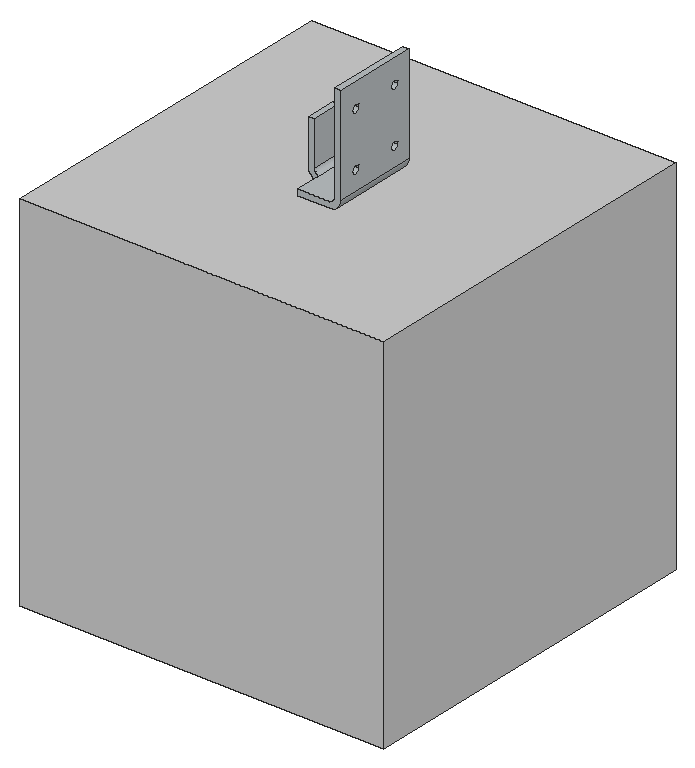
Revit family "REC-EACCI45X3", category Structural Connections, host Face, Revit 2024
Family settings
  Host = Face
  Material for Model Behavior = Steel
  Enable Cutting in Views = Yes
  Cut with Voids When Loaded = Yes
  Shared = No
Parameters (values of type "EACCI45X3")
  Visible = yes
  URL_Product_(Producto) = ""
  URL_DataSheet_(FichaTecnica) = ""
  URL_CE_Marking_(MarcadoCE) = ""
  Type IFC Predefined Type = "Brackets"
  Type Comments = ""
  URL = "https://recense.com/"
  Model = "EACCI45X3"
  Manufacturer = "RECENSE"
  Keynote_ESP = "Escuadra para fijación de paneles GRC tipo cáscara a perfilería de subestructura auxiliar."
  Keynote = "Angle bracket for fixing GRC shell panels to auxiliary substructure profiles."
  IFCExportType = Classification.Uniclass.Pr.Description  # "Carbon steel anchor plates"
  IFCExportAs = "IfcElementAssembly"
  Fecha de Creacion: = "01/03/2024"
  Fecha Ultima Revision: = "01/03/2024"
  Export Type to IFC As = "IfcElementAssembly"
  Description_ESP = "Escuadra anclaje inox 45x3 mm."
  Description = "Stainless steel anchor bracket 45x3 mm."
  Default Elevation = 0.0 mm
  Creado por: = "Deliprogal SL"
  Cost = 0
  Classification.Uniclass.Ss.Number = ""
  Classification.Uniclass.Ss.Description = ""
  Classification.Uniclass.Pr.Number = "Pr_20_29_03_10"
  Classification.Uniclass.Pr.Description = "Carbon steel anchor plates"
  Classification.Uniclass.EF.Number = ""
  Classification.Uniclass.EF.Description = ""
  Classification.Space.Number = ""
  Classification.Space.Description = ""
  Classification.Facility.Number = ""
  Classification.Facility.Description = ""
  Assembly Code = ""
Reference planes
  plane 1 "Center (Front/Back)": y = 0
  plane 2: z = 0
  plane 3 "Center (Left/Right)": x = 0
Forms (mm)
  Extrusion 1, solid, material "REC_Base"
    sketch origin (0, -719.2, 0) x (1, 0, 0) y (0, 1, 0)
      loop
        line (-150, 869.2) -> (-150, 569.2) -> (150, 569.2) -> (150, 869.2) -> (-150, 869.2)
    from 0 to -300
  Extrusion 2, solid, material "REC_Acero, S 275JR (Zincado)"
    sketch origin (0, 35, 0) x (1, 0, 0) y (0, 0, 1)
      loop
        line (22.5, 90) -> (17.5, 90) -> (17.5, 9)
        arc (17.5, 9) -> (16.328, 6.172) -> (13.5, 5) r 4
        line (13.5, 5) -> (-13.5, 5)
        arc (-13.5, 5) -> (-16.328, 6.172) -> (-17.5, 9) r 4
        line (-17.5, 9) -> (-17.5, 45) -> (-22.5, 45) -> (-22.5, 9)
        arc (-22.5, 9) -> (-19.864, 2.636) -> (-13.5, 0) r 9
        line (-13.5, 0) -> (13.5, 0)
        arc (13.5, 0) -> (19.864, 2.636) -> (22.5, 9) r 9
        line (22.5, 9) -> (22.5, 90)
    from 0 to 70
  Extrusion 3, void
    sketch origin (-22.5, 35, 45) x (0, 1, 0) y (1, 0, 0)
      loop
        line (-49.5, 9) -> (-70, 9) -> (-70, 0) -> (-47.5, 0) -> (-47.5, 7)
        arc (-47.5, 7) -> (-48.086, 8.414) -> (-49.5, 9) r 2
      loop
        arc (-20.5, 9) -> (-21.914, 8.414) -> (-22.5, 7) r 2
        line (-22.5, 7) -> (-22.5, 0) -> (0, 0) -> (0, 9) -> (-20.5, 9)
    from 0 to 45
  Extrusion 4, void
    sketch origin (17.5, 35, 9) x (0, 0, -1) y (0, 1, 0)
      loop
        circle (-61, -55) r 3.5
      loop
        circle (-16, -55) r 3.5
      loop
        circle (-61, -15) r 3.5
      loop
        circle (-16, -15) r 3.5
    from 0 to 5
Cuts and joins
  Extrusion 3, Extrusion 4 cuts Extrusion 2
Dimensions and locks
  aligned and locked: plane 2 to Extrusion 1
  aligned and locked: level to Extrusion 1
